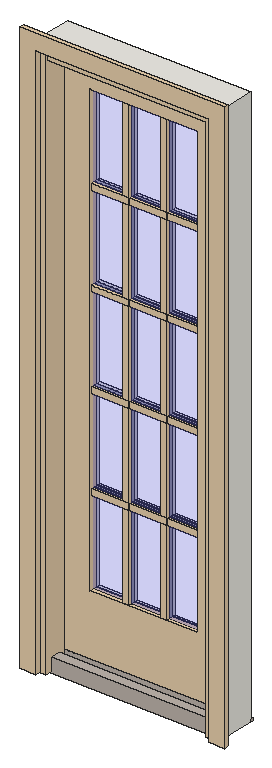
Revit family "Door-Gliding-Andersen-400_Series-Single 2", category Doors, host Wall, Revit 2013 (continued)
Dimensions and locks (in)
  aligned and locked: plane 43 "L Panel" to curve 5
  aligned and locked: curve 88 to plane 53 "Xjamb S1"
  aligned and locked: plane 5 "T Frame" to Sweep 14 sketch curve
  aligned and locked: Sweep 14 sketch curve to plane 4 "L Frame"
  aligned and locked: level to Sweep 14 sketch curve
  aligned and locked: plane 53 "Xjamb S1" to Sweep 14 sketch curve
  aligned and locked: plane 4 "L Frame" to Sweep 14 sketch curve
  aligned and locked: plane 4 "L Frame" to Sweep 7 sketch curve
  aligned and locked: plane 3 "R Frame" to Sweep 7 sketch curve
  aligned and locked: plane 53 "Xjamb S1" to Sweep 7 sketch curve
  aligned and locked: curve 16 to plane 10 "Flange"
  aligned and locked: plane 10 "Flange" to curve 17
  aligned and locked: plane 46 "B Panel" to Sweep 13 sketch curve  (x2)
  aligned and locked: plane 46 "B Panel" to Sweep 11 sketch curve  (x2)
  aligned and locked: plane 49 "L Glazing" to Sweep 15 sketch curve
  aligned and locked: plane 46 "B Panel" to Sweep 15 sketch curve
  aligned and locked: plane 64 "Panel2 S2" to Sweep 15 sketch curve
  aligned and locked: Sweep 15 sketch curve to plane 46 "B Panel"
  aligned and locked: Sweep 15 sketch curve to plane 68 "Panel 2 Glazing 1"
  aligned and locked: plane 46 "B Panel" to Sweep 16 sketch curve
  aligned and locked: plane 68 "Panel 2 Glazing 1" to Sweep 16 sketch curve
  aligned and locked: Sweep 16 sketch curve to plane 46 "B Panel"
  aligned and locked: Sweep 16 sketch curve to plane 63 "Panel2 S1"
  aligned and locked: plane 49 "L Glazing" to Sweep 16 sketch curve
  aligned and locked: curve 82 to plane 67 "Panel 2 Glazing 2"
  aligned and locked: plane 67 "Panel 2 Glazing 2" to curve 117
  aligned and locked: curve 128 to plane 49 "L Glazing"
  aligned and locked: curve 116 to curve 86
  aligned and locked: curve 116 to curve 87
  aligned and locked: curve 81 to curve 86
  aligned and locked: curve 81 to curve 87
  aligned and locked: plane 67 "Panel 2 Glazing 2" to curve 143
  aligned and locked: curve 127 to plane 67 "Panel 2 Glazing 2"
  aligned and locked: Masking region 2 sketch curve to plane 54 "Frame S2 Ext"
  aligned and locked: Sweep 12 sketch curve to cut or joined group of Sweep 11, Sweep 15
  aligned and locked: plane 54 "Frame S2 Ext" to curve 65
  aligned and locked: plane 54 "Frame S2 Ext" to curve 5
  aligned and locked: plane 3 "R Frame" to Sweep 14 sketch curve
  aligned and locked: plane 54 "Frame S2 Ext" to Sweep 14 sketch curve
  aligned and locked: Sweep 14 sketch curve to plane 9 "Frame S2"
  aligned and locked: curve 147 to plane 3 "R Frame"
  aligned and locked: plane 9 "Frame S2" to curve 146
  aligned and locked: plane 44 "R Panel" to Masking region 10 sketch curve
  aligned and locked: nested 1 to plane 48 "T Glazing"
  aligned and locked: nested 2 to plane 48 "T Glazing"
  aligned and locked: nested 4 to plane 49 "L Glazing"
  aligned and locked: nested 5 to plane 49 "L Glazing"
  aligned and locked: nested 6 to plane 49 "L Glazing"
  aligned and locked: nested 3 to plane 48 "T Glazing"
  aligned and locked: nested 7 to plane 49 "L Glazing"
  aligned and locked: plane 64 "Panel2 S2" to curve 48
  aligned and locked: curve 157 to plane 50 "R Glazing"
  aligned and locked: Sweep 13 sketch curve to plane 44 "R Panel"
  aligned and locked: Sweep 11 sketch curve to plane 44 "R Panel"
  aligned and locked: plane 50 "R Glazing" to Sweep 15 sketch curve
  aligned and locked: plane 50 "R Glazing" to Sweep 16 sketch curve
  aligned and locked: curve 67 to plane 44 "R Panel"
  aligned and locked: curve 144 to plane 50 "R Glazing"
  aligned and locked: curve 140 to curve 72
  aligned and locked: curve 140 to curve 73
  aligned and locked: plane 50 "R Glazing" to curve 70
  aligned and locked: plane 50 "R Glazing" to curve 71
  aligned and locked: nested 1 to plane 2 "Center (Left/Right)"
  aligned and locked: plane 64 "Panel2 S2" to Split face 1 sketch curve
  aligned and locked: Split face 2 sketch curve to Split face 1
  aligned and locked: Split face 3 sketch curve to Split face 1
  aligned and locked: Split face 4 sketch curve to Split face 3
  aligned and locked: plane 47 "B Glazing" to Sweep 16 sketch curve
  aligned and locked: plane 47 "B Glazing" to Sweep 15 sketch curve
  aligned and locked: curve 158 to plane 47 "B Glazing"
  aligned and locked: plane 18 "R Casing 2" to Masking region 17 sketch curve
  aligned and locked: plane 19 "R Casing 3" to Masking region 17 sketch curve
  aligned and locked: plane 13 "Casing S1" to Masking region 17 sketch curve  (x4)
  aligned and locked: plane 25 "L Casing 2" to Masking region 17 sketch curve
  aligned and locked: plane 24 "L Casing 3" to Masking region 17 sketch curve
  aligned and locked: Masking region 17 sketch curve to plane 23 "L Casing 4"
  aligned and locked: plane 10 "Flange" to Masking region 17 sketch curve  (x3)
  aligned and locked: Masking region 17 sketch curve to plane 10 "Flange"
  aligned and locked: Masking region 17 sketch curve to plane 4 "L Frame"
  aligned and locked: plane 54 "Frame S2 Ext" to Masking region 17 sketch curve  (x2)
  aligned and locked: plane 4 "L Frame" to Masking region 17 sketch curve
  aligned and locked: plane 26 "L Casing 1" to Masking region 17 sketch curve  (x2)
  aligned and locked: plane 11 "Frame S1" to Masking region 17 sketch curve
  aligned and locked: plane 12 "Casing S2" to Masking region 17 sketch curve  (x3)
  aligned and locked: plane 20 "R Casing 4" to Masking region 17 sketch curve  (x2)
  aligned and locked: Masking region 17 sketch curve to plane 17 "R Casing 1"
  aligned and locked: plane 17 "R Casing 1" to Masking region 17 sketch curve
  aligned and locked: plane 3 "R Frame" to Masking region 17 sketch curve
  aligned and locked: Masking region 17 sketch curve to plane 3 "R Frame"
  aligned and locked: plane 46 "B Panel" to Sweep 17 sketch curve
  aligned and locked: Sweep 17 sketch curve to curve 152
  aligned and locked: curve 151 to Sweep 17 sketch curve
  aligned and locked: Sweep 17 sketch curve to curve 155
  aligned and locked: Sweep 17 sketch curve to curve 154
  aligned and locked: plane 3 "R Frame" to Sweep 17 sketch curve
  aligned and locked: Sweep 17 sketch curve to plane 9 "Frame S2"
  aligned and locked: plane 60 "R Stop" to Sweep 17 sketch curve
  aligned and locked: Sweep 17 sketch curve to plane 64 "Panel2 S2"
  aligned and locked: plane 54 "Frame S2 Ext" to Sweep 17 sketch curve
  aligned and locked: plane 9 "Frame S2" to Sweep 17 sketch curve
  aligned and locked: plane 4 "L Frame" to Sweep 17 sketch curve
  aligned and locked: plane 59 "L Stop" to Sweep 17 sketch curve
  aligned and locked: Sweep 17 sketch curve to plane 54 "Frame S2 Ext"
  aligned and locked: curve 96 to Sweep 17 sketch curve
  aligned and locked: Sweep 17 sketch curve to curve 95
  aligned and locked: Sweep 17 sketch curve to curve 69
  aligned and locked: curve 99 to Sweep 17 sketch curve
  aligned and locked: curve 98 to Sweep 17 sketch curve
  aligned and locked: Sweep 17 sketch curve to Sweep 9
  aligned and locked: Sweep 18 sketch curve to plane 2 "Center (Left/Right)"
  aligned and locked: plane 46 "B Panel" to Sweep 18 sketch curve
  aligned and locked: plane 3 "R Frame" to Sweep 18 sketch curve
  aligned and locked: Sweep 18 sketch curve to plane 9 "Frame S2"  (x2)
  aligned and locked: Sweep 18 sketch curve to Sweep 8  (x2)
  aligned and locked: plane 54 "Frame S2 Ext" to Sweep 18 sketch curve  (x2)
  aligned and locked: Sweep 18 sketch curve to plane 4 "L Frame"
  aligned and locked: Split face 7 sketch curve to plane 64 "Panel2 S2"
  aligned and locked: Sweep 8 to Sweep 17 sketch curve
  aligned and locked: Split face 6 sketch curve to plane 64 "Panel2 S2"
  aligned and locked: Split face 5 sketch curve to plane 64 "Panel2 S2"
  aligned and locked: Extrusion 2 to plane 10 "Flange"
  aligned and locked: plane 31 "T Casing 3" to curve 1
  aligned and locked: plane 13 "Casing S1" to curve 1
  aligned and locked: plane 13 "Casing S1" to curve 4
  aligned and locked: plane 9 "Frame S2" to curve 8
  aligned and locked: plane 13 "Casing S1" to curve 161
  aligned and locked: plane 10 "Flange" to curve 161
  aligned and locked: plane 20 "R Casing 4" to curve 161
  aligned and locked: plane 54 "Frame S2 Ext" to curve 162
  aligned and locked: plane 9 "Frame S2" to curve 162
  aligned and locked: plane 3 "R Frame" to curve 162
  aligned and locked: plane 13 "Casing S1" to curve 159
  aligned and locked: plane 10 "Flange" to curve 159
  aligned and locked: plane 23 "L Casing 4" to curve 159
  aligned and locked: plane 54 "Frame S2 Ext" to curve 160
  aligned and locked: plane 9 "Frame S2" to curve 160
  aligned and locked: plane 13 "Casing S1" to curve 163
  aligned and locked: plane 10 "Flange" to curve 163
  aligned and locked: plane 9 "Frame S2" to curve 164
  aligned and locked: plane 32 "T Casing 4" to curve 163
  aligned and locked: plane 4 "L Frame" to curve 160
  aligned and locked: plane 4 "L Frame" to Masking region 6 sketch curve
  aligned and locked: plane 5 "T Frame" to Masking region 6 sketch curve
  aligned and locked: Masking region 6 sketch curve to plane 3 "R Frame"
  aligned and locked: plane 46 "B Panel" to curve 11
  aligned and locked: plane 46 "B Panel" to curve 12
  aligned and locked: Split face 8 sketch curve to plane 64 "Panel2 S2"
  aligned and locked: Split face 9 sketch curve to Split face 8
  aligned and locked: Split face 10 sketch curve to Split face 9
Automatic sketch dimensions
  curve 5 to curve 5 = 0' - 5 7/8"
  curve 91 to curve 92 = 0' - 3.141"
  curve 91 to curve 91 = 0' - 0.344"
  curve 90 to curve 89 = 0' - 0.938"
  curve 89 to curve 90 = 0' - 0.99876"
  curve 90 to curve 91 = 0' - 1.73524"
  curve 95 to curve 99 = 0' - 0"
  curve 95 to curve 95 = 0' - 0.437"
  curve 98 to curve 99 = 0' - 0.437"
  curve 95 to curve 97 = 0' - 0.938"
  curve 99 to curve 95 = 0' - 2.02269"
  curve 98 to curve 99 = 0' - 0.05789"
  curve 98 to curve 98 = 0' - 0.28745"
  curve 95 to curve 97 = 0' - 0.99876"
  curve 91 to curve 90 = 0' - 0.22956"
  curve 91 to curve 90 = 0' - 0.437"
  curve 22 to curve 23 = 0' - 3.141"
  curve 22 to curve 22 = 0' - 0.344"
  curve 21 to curve 20 = 0' - 0.938"
  curve 20 to curve 21 = 0' - 0.99876"
  curve 21 to curve 22 = 0' - 1.73524"
  curve 100 to curve 104 = 0' - 0"
  curve 100 to curve 100 = 0' - 0.437"
  curve 103 to curve 104 = 0' - 0.437"
  curve 100 to curve 102 = 0' - 0.938"
  curve 104 to curve 100 = 0' - 2.02269"
  curve 103 to curve 104 = 0' - 0.05789"
  curve 103 to curve 103 = 0' - 0.28745"
  curve 100 to curve 102 = 0' - 0.99876"
  curve 22 to curve 21 = 0' - 0.22956"
  curve 22 to curve 21 = 0' - 0.437"
  curve 52 to curve 50 = 0' - 1.416"
  curve 47 to curve 46 = 0' - 1.774"
  curve 45 to curve 53 = 0' - 1.33779"
  curve 44 to curve 45 = 0' - 0.35924"
  curve 44 to curve 105 = 0' - 0.04672"
  curve 45 to curve 105 = 0' - 0.06195"
  curve 48 to curve 50 = 0' - 0.03427"
  curve 49 to curve 49 = 0' - 1.47682"
  curve 47 to curve 51 = 0' - 0.02172"
  curve 62 to curve 60 = 0' - 1.416"
  curve 57 to curve 56 = 0' - 1.774"
  curve 55 to curve 63 = 0' - 1.33779"
  curve 54 to curve 55 = 0' - 0.35924"
  curve 54 to curve 106 = 0' - 0.04672"
  curve 55 to curve 106 = 0' - 0.06195"
  curve 58 to curve 60 = 0' - 0.03427"
  curve 59 to curve 59 = 0' - 1.47682"
  curve 57 to curve 61 = 0' - 0.02172"
  curve 81 to curve 80 = 0' - 1 5/16"
  curve 80 to curve 80 = 0' - 0.88911"
  curve 81 to curve 82 = 0' - 0 9/16"
  curve 82 to curve 80 = 0' - 0"
  curve 84 to curve 83 = 0' - 1 5/16"
  curve 83 to curve 83 = 0' - 0.88911"
  curve 84 to curve 85 = 0' - 0 9/16"
  curve 85 to curve 83 = 0' - 0"
  curve 116 to curve 115 = 0' - 1 5/16"
  curve 115 to curve 115 = 0' - 0.88911"
  curve 116 to curve 117 = 0' - 0 9/16"
  curve 117 to curve 115 = 0' - 0"
  curve 128 to curve 125 = 0' - 0.26411"
  curve 122 to curve 124 = 0' - 0.88911"
  curve 128 to curve 122 = 0' - 0 1/16"
  curve 129 to curve 127 = 0' - 0 13/32"
  curve 125 to curve 127 = 0' - 0 17/32"
  curve 127 to curve 124 = 0' - 0 3/4"
  curve 124 to curve 125 = 0' - 0"
  curve 128 to curve 125 = 0' - 0 1/32"
  curve 127 to curve 129 = 0' - 0 1/8"
  curve 129 to curve 123 = 0' - 0 1/8"
  curve 122 to curve 122 = 0' - 0 13/32"
  curve 128 to curve 122 = 0' - 0"
  curve 136 to curve 133 = 0' - 0.26411"
  curve 130 to curve 132 = 0' - 0.88911"
  curve 136 to curve 130 = 0' - 0 1/16"
  curve 137 to curve 135 = 0' - 0 13/32"
  curve 133 to curve 135 = 0' - 0 17/32"
  curve 135 to curve 132 = 0' - 0 3/4"
  curve 132 to curve 133 = 0' - 0"
  curve 136 to curve 133 = 0' - 0 1/32"
  curve 135 to curve 137 = 0' - 0 1/8"
  curve 137 to curve 131 = 0' - 0 1/8"
  curve 130 to curve 130 = 0' - 0 13/32"
  curve 136 to curve 130 = 0' - 0"
  curve 118 to curve 119 = 0' - 0 17/32"
  curve 119 to curve 120 = 0' - 0 1/8"
  curve 120 to curve 120 = 0' - 0 1/2"
  curve 120 to curve 121 = 0' - 0 1/8"
  curve 121 to curve 121 = 0' - 0 13/32"
  curve 118 to curve 118 = 0' - 0 5/8"
  curve 120 to curve 118 = 0' - 0 7/32"
  curve 120 to curve 121 = 0' - 0.42036"
  curve 121 to curve 121 = 0' - 0 1/16"
  curve 120 to curve 119 = 0' - 0.48286"
  curve 107 to curve 109 = 0' - 0 17/32"
  curve 109 to curve 110 = 0' - 0 1/8"
  curve 110 to curve 110 = 0' - 0 1/2"
  curve 110 to curve 111 = 0' - 0 1/8"
  curve 111 to curve 111 = 0' - 0 13/32"
  curve 107 to curve 107 = 0' - 0 5/8"
  curve 107 to curve 110 = 0' - 0 7/32"
  curve 111 to curve 110 = 0' - 0.42036"
  curve 111 to curve 111 = 0' - 0 1/16"
  curve 109 to curve 110 = 0' - 0.48286"
  curve 108 to curve 112 = 0' - 0 17/32"
  curve 112 to curve 113 = 0' - 0 1/8"
  curve 113 to curve 113 = 0' - 0 1/2"
  curve 113 to curve 114 = 0' - 0 1/8"
  curve 114 to curve 114 = 0' - 0 13/32"
  curve 108 to curve 108 = 0' - 0 5/8"
  curve 108 to curve 113 = 0' - 0 7/32"
  curve 114 to curve 113 = 0' - 0.42036"
  curve 114 to curve 114 = 0' - 0 1/16"
  curve 112 to curve 113 = 0' - 0.48286"
  curve 144 to curve 141 = 0' - 0.26411"
  curve 138 to curve 140 = 0' - 0.88911"
  curve 144 to curve 138 = 0' - 0 1/16"
  curve 145 to curve 143 = 0' - 0 13/32"
  curve 143 to curve 141 = 0' - 0 17/32"
  curve 140 to curve 143 = 0' - 0 3/4"
  curve 140 to curve 141 = 0' - 0"
  curve 141 to curve 144 = 0' - 0 1/32"
  curve 145 to curve 143 = 0' - 0 1/8"
  curve 139 to curve 145 = 0' - 0 1/8"
  curve 138 to curve 138 = 0' - 0 13/32"
  curve 144 to curve 138 = 0' - 0"
  curve 150 to curve 149 = 0' - 3.141"
  curve 149 to curve 149 = 0' - 0.344"
  curve 148 to curve 147 = 0' - 0.938"
  curve 148 to curve 147 = 0' - 0.99876"
  curve 149 to curve 148 = 0' - 1.73524"
  curve 151 to curve 155 = 0' - 0"
  curve 151 to curve 151 = 0' - 0.437"
  curve 154 to curve 155 = 0' - 0.437"
  curve 151 to curve 153 = 0' - 0.938"
  curve 155 to curve 151 = 0' - 2.02269"
  curve 154 to curve 155 = 0' - 0.05789"
  curve 154 to curve 154 = 0' - 0.28745"
  curve 151 to curve 153 = 0' - 0.99876"
  curve 148 to curve 149 = 0' - 0.22956"
  curve 149 to curve 148 = 0' - 0.437"
  Sweep 8 sketch curve to level = 0' - 0"  (x2)
  curve 15 to plane 42 "T Xjamb 1" = 0' - 0"
  curve 14 to level = 0' - 0"
  curve 13 to level = 0' - 0"
  curve 10 to plane 3 "R Frame" = 0' - 0"
  curve 17 to plane 3 "R Frame" = 0' - 0"
  curve 71 to plane 49 "L Glazing" = 0' - 0"
  curve 70 to plane 49 "L Glazing" = 0' - 0"
  curve 10 to plane 17 "R Casing 1" = 0' - 0 1/8"
  curve 73 to plane 49 "L Glazing" = 0' - 0.88911"
  curve 72 to curve 73 = 0' - 0"
  curve 65 to plane 9 "Frame S2" = 0' - 0"
  curve 5 to plane 9 "Frame S2" = 0' - 0"
  curve 65 to plane 44 "R Panel" = 0' - 0"
  Sweep 11 sketch curve to plane 46 "B Panel" = 0' - 0"
  profile plane to Sweep 14 sketch curve = 0' - 1.719"
  profile plane to Sweep 14 sketch curve = 0' - 1 3/8"
  Sweep 14 sketch curve to Sweep 14 sketch curve = 0' - 0.344"
  Sweep 14 sketch curve to Sweep 14 sketch curve = 0' - 0.437"
  curve 73 to plane 68 "Panel 2 Glazing 1" = 0' - 0 1/8"
  plane 67 "Panel 2 Glazing 2" to curve 72 = 0' - 0 1/8"
  curve 64 to plane 48 "T Glazing" = 0' - 0"
  curve 51 to curve 47 = 0' - 0.98124"
  curve 61 to curve 57 = 0' - 0.98124"
  profile plane to Sweep 9 sketch curve = 0' - 0"
  Split face 1 sketch curve to cut or joined group of Sweep 7, Sweep 14 = 0' - 0"  (x2)
  Split face 2 sketch curve to cut or joined group of Sweep 7, Sweep 14 = 0' - 0"  (x2)
  Split face 3 sketch curve to cut or joined group of Sweep 7, Sweep 14 = 0' - 0"  (x2)
  Split face 4 sketch curve to cut or joined group of Sweep 7, Sweep 14 = 0' - 0"  (x2)
  Sweep 17 sketch curve to level = 0' - 0"
  Sweep 17 sketch curve to plane 2 "Center (Left/Right)" = 0' - 0"
  Sweep 18 sketch curve to level = 0' - 0"
  Sweep 8 to Split face 5 sketch curve = 0' - 0"  (x2)
  Split face 6 sketch curve to Sweep 8 = 0' - 0"
  Sweep 8 to Split face 6 sketch curve = 0' - 0"
  Split face 7 sketch curve to Sweep 8 = 0' - 0"  (x2)
  curve 18 to plane 10 "Flange" = 0' - 0"
  plane 46 "B Panel" to curve 8 = 0' - 0"
  curve 8 to plane 58 "Sill Exterior" = 0' - 0"
  plane 30 "T Casing 2" to curve 1 = 0' - 0"
  curve 3 to plane 11 "Frame S1" = 0' - 0"
  curve 6 to plane 11 "Frame S1" = 0' - 0"
  curve 9 to plane 11 "Frame S1" = 0' - 0"
  curve 7 to level = 0' - 0"
  plane 47 "B Glazing" to curve 79 = 0' - 0"
  plane 47 "B Glazing" to curve 78 = 0' - 0"
  plane 48 "T Glazing" to curve 79 = 0' - 0"
  plane 48 "T Glazing" to curve 78 = 0' - 0"
  curve 11 to level = 0' - 0"
  plane 59 "L Stop" to curve 11 = 0' - 0"
  curve 12 to level = 0' - 0"
  plane 60 "R Stop" to curve 12 = 0' - 0"
  Split face 8 sketch curve to Sweep 8 = 0' - 0"
  Sweep 8 to Split face 8 sketch curve = 0' - 0"
  Split face 9 sketch curve to Sweep 8 = 0' - 0"  (x2)
  Split face 10 sketch curve to Sweep 8 = 0' - 0"  (x2)
Nested families (in)
  nested 1: "Andersen Grille Bar" at (0, 0.17225, 42.5) x (-1, 0, 0) z (0, 1, 0), Bar Width <- "Grille Bar Size", Bar Length <- "TS V Bar Length", visible <- "TS S V", type "Andersen Grille Bar"
    with Glass / 2 0' - 0 3/16", Glass 0' - 0 3/4", Center Line Length 5' - 3 7/8", Center Line 2, Bar Width 0' - 0 7/8", Bar Length 5' - 3 7/8"
  nested 2: "Andersen Grille Bar" at (2.68229, 0.17225, 42.5) x (-1, 0, 0) z (0, 1, 0), Bar Width <- "Grille Bar Size", Bar Length <- "TS V Bar Length", visible <- "TS M V", type "Andersen Grille Bar"
    with Glass / 2 0' - 0 3/16", Glass 0' - 0 3/4", Center Line Length 5' - 3 7/8", Center Line 2, Bar Width 0' - 0 7/8", Bar Length 5' - 3 7/8"
  nested 3: "Andersen Grille Bar" at (-2.68229, 0.17225, 42.5) x (-1, 0, 0) z (0, 1, 0), Bar Width <- "Grille Bar Size", Bar Length <- "TS V Bar Length", visible <- "TS M V", type "Andersen Grille Bar"
    with Glass / 2 0' - 0 3/16", Glass 0' - 0 3/4", Center Line Length 5' - 3 7/8", Center Line 2, Bar Width 0' - 0 7/8", Bar Length 5' - 3 7/8"
  nested 4: "Andersen Grille Bar" at (-0.03906, 0.17225, 42.5) x (0, 0, 1) z (0, 1, 0), Bar Width <- "Grille Bar Size", Bar Length <- "H DLO", visible <- "TS S H", type "Andersen Grille Bar"
    with Glass / 2 0' - 0 3/16", Glass 0' - 0 3/4", Center Line Length 1' - 3 29/64", Center Line 2, Bar Width 0' - 0 7/8", Bar Length 1' - 3 29/64"
  nested 5: "Andersen Grille Bar" at (-0.03906, 0.17225, 61.925) x (0, 0, 1) z (0, 1, 0), Bar Width <- "Grille Bar Size", Bar Length <- "H DLO", visible <- "TS M H", type "Andersen Grille Bar"
    with Glass / 2 0' - 0 3/16", Glass 0' - 0 3/4", Center Line Length 1' - 3 29/64", Center Line 2, Bar Width 0' - 0 7/8", Bar Length 1' - 3 29/64"
  nested 6: "Andersen Grille Bar" at (-0.03906, 0.17225, 23.075) x (0, 0, 1) z (0, 1, 0), Bar Width <- "Grille Bar Size", Bar Length <- "H DLO", visible <- "TS M H", type "Andersen Grille Bar"
    with Glass / 2 0' - 0 3/16", Glass 0' - 0 3/4", Center Line Length 1' - 3 29/64", Center Line 2, Bar Width 0' - 0 7/8", Bar Length 1' - 3 29/64"
  nested 7: "Andersen Grille Bar" at (-0.03906, 0.17225, 42.5) x (0, 0, 1) z (0, 1, 0), Bar Width <- "Grille Bar Size", Bar Length <- "H DLO", visible <- "TS S H Craftsman", type "Andersen Grille Bar"
    with Glass / 2 0' - 0 3/16", Glass 0' - 0 3/4", Center Line Length 1' - 3 29/64", Center Line 2, Bar Width 0' - 0 7/8", Bar Length 1' - 3 29/64"
  nested 8: "Andersen Grille Bar" at (-0.03906, 0.17225, 48.975) x (0, 0, 1) z (0, 1, 0), Bar Width <- "Grille Bar Size", Bar Length <- "H DLO", visible <- "TS M H", type "Andersen Grille Bar"
    with Glass / 2 0' - 0 3/16", Glass 0' - 0 3/4", Center Line Length 1' - 3 29/64", Center Line 2, Bar Width 0' - 0 7/8", Bar Length 1' - 3 29/64"
  nested 9: "Andersen Grille Bar" at (-0.03906, 0.17225, 36.025) x (0, 0, 1) z (0, 1, 0), Bar Width <- "Grille Bar Size", Bar Length <- "H DLO", visible <- "TS M H", type "Andersen Grille Bar"
    with Glass / 2 0' - 0 3/16", Glass 0' - 0 3/4", Center Line Length 1' - 3 29/64", Center Line 2, Bar Width 0' - 0 7/8", Bar Length 1' - 3 29/64"
Definition of nested family "Andersen Grille Bar"
  Parameters (values of type "Andersen Grille Bar")
    Interior Bar Visibility = yes
    Interior Bar Material = none
    Glass / 2 [instance] = (Glass / 2) - 0' 0 3/16"  # 0' - 0 1/8"
    Glass [instance] = 0' - 0 5/8"
    Exterior Bar Visibility = yes
    Exterior Bar Finish = none
    Default Elevation = 4' - 0"
    Center Line Length [instance] = if(Center Line = 1, Bar Length + (Bar Width / 2), Bar Length)  # 0' - 4 7/16"
    Center Line [instance] = 1
    Between Glass Bar Visibility = yes
    Between Glass Bar Finish = none
    Bar Width [instance] = 0' - 0 7/8"
    Bar Length [instance] = 0' - 4"
  Reference planes (in)
    plane 1 "Center (Front/Back)": y = 0
    plane 2 "a": z = 0
    plane 3 "Center (Left/Right)": x = 0
    plane 4 "1": x = -0.4375
    plane 5 "2": x = 0.4375
    plane 6: y = 2
    plane 7: y = -2
    plane 8 "b": z = -0.625
    plane 9: z = -0.125
    plane 10: y = -2.4375
    plane 11 "a1": z = 12
    plane 12 "a2": z = -12
  Forms (in)
    Extrusion 1, solid
      sketch origin (0, 0, 0) x (1, 0, 0) y (0, 1, 0)
        loop
          line (-48, 48) -> (-48, -48) -> (48, -48) -> (48, 48) -> (-48, 48)
      from 0 to -12
    Extrusion 2, solid, material <- "Exterior Bar Finish", visible <- "Exterior Bar Visibility", detail levels fine
      sketch origin (0, 0, 0) x (1, 0, 0) y (0, 1, 0)
        loop
          line (-0.4375, 2) -> (-0.4375, -2) -> (0.4375, -2) -> (0.4375, 2) -> (-0.4375, 2)
      from 0 to 0.375
    Extrusion 3, solid, material <- "Between Glass Bar Finish", visible <- "Between Glass Bar Visibility", detail levels fine
      sketch origin (0, 0, 0) x (1, 0, 0) y (0, 1, 0)
        loop
          line (-0.4375, 2) -> (-0.4375, -2) -> (0.4375, -2) -> (0.4375, 2) -> (-0.4375, 2)
      from -0.5 to -0.125
    Extrusion 4, solid, material <- "Interior Bar Material", visible <- "Interior Bar Visibility", detail levels fine
      sketch origin (0, 0, 0) x (1, 0, 0) y (0, 1, 0)
        loop
          line (-0.4375, 2) -> (-0.4375, -2) -> (0.4375, -2) -> (0.4375, 2) -> (-0.4375, 2)
      from -1 to -0.625
  Lines and regions (in)
    model lines, style "GenericModel", detail levels coarse+medium
      curve 1: line (0, 2, 0) -> (0, -2.4375, 0)
    symbolic lines, style "GenericModel", detail levels coarse+medium
      curve 2: line (0, 2, 12) -> (0, -2.4375, 12)
      curve 3: line (0, 2, -12) -> (0, -2.4375, -12)
    model lines, style "InvisibleLines", not visible, detail levels coarse
      curve 4: line (0, 0, 12) -> (0, 0, -12)
    symbolic lines, detail levels fine
      curve 5: line (-0.4375, 2, 0) -> (-0.4375, -2, 0)
      curve 6: line (0.4375, 2, 0) -> (0.4375, -2, 0)
  Dimensions and locks (in)
    "Glass": plane 2 "a" to plane 8 "b"
    "Glass / 2": plane 2 "a" to plane 9
    locked: Extrusion 2 to Extrusion 2 at 0.375
    locked: plane 9 to Extrusion 3 at 0.375
    locked: plane 8 "b" to Extrusion 4 at 0.375
    equal spacing: plane 4 "1", plane 3 "Center (Left/Right)", plane 5 "2"
    equal spacing: plane 6, plane 1 "Center (Front/Back)", plane 7
    "Bar Width": plane 4 "1" to plane 5 "2"
    "Bar Length": plane 6 to plane 7
    "Center Line Length": plane 6 to plane 10
    locked: plane 11 "a1" to plane 2 "a" at 12
    locked: plane 2 "a" to plane 12 "a2" at 12
    aligned and locked: plane 2 "a" to Extrusion 1
    aligned and locked: level to Extrusion 1
    aligned and locked: Extrusion 2 to plane 2 "a"
    aligned and locked: Extrusion 2 to plane 4 "1"
    aligned and locked: plane 5 "2" to Extrusion 2
    aligned and locked: plane 6 to Extrusion 2
    aligned and locked: Extrusion 2 to plane 7
    aligned and locked: plane 9 to Extrusion 3
    aligned and locked: Extrusion 3 to plane 4 "1"
    aligned and locked: plane 5 "2" to Extrusion 3
    aligned and locked: plane 6 to Extrusion 3
    aligned and locked: Extrusion 3 to plane 7
    aligned and locked: plane 8 "b" to Extrusion 4
    aligned and locked: Extrusion 4 to plane 4 "1"
    aligned and locked: plane 5 "2" to Extrusion 4
    aligned and locked: plane 6 to Extrusion 4
    aligned and locked: Extrusion 4 to plane 7
    aligned and locked: plane 6 to curve 1
    aligned and locked: plane 10 to curve 1
    aligned and locked: curve 1 to plane 3 "Center (Left/Right)"
    aligned and locked: plane 6 to curve 2
    aligned and locked: plane 10 to curve 2
    aligned and locked: curve 2 to plane 3 "Center (Left/Right)"
    aligned and locked: plane 6 to curve 3
    aligned and locked: plane 10 to curve 3
    aligned and locked: curve 3 to plane 3 "Center (Left/Right)"
    aligned and locked: plane 11 "a1" to curve 4
    aligned and locked: plane 12 "a2" to curve 4
    aligned and locked: curve 4 to plane 1 "Center (Front/Back)"
    aligned and locked: plane 6 to curve 5
    aligned and locked: plane 6 to curve 6
    aligned and locked: plane 7 to curve 6
    aligned and locked: plane 7 to curve 5
    aligned and locked: curve 5 to plane 4 "1"
    aligned and locked: curve 6 to plane 5 "2"
  Automatic sketch dimensions
    Extrusion 1 sketch curve to Extrusion 1 sketch curve = 8' - 0"  (x2)
    plane 7 to Extrusion 2 sketch curve = 0' - 0"
    Extrusion 2 sketch curve to plane 5 "2" = 0' - 0 7/8"
    Extrusion 2 sketch curve to plane 6 = 0' - 0"
    Extrusion 2 sketch curve to Extrusion 2 sketch curve = 0' - 0 7/8"
    plane 7 to Extrusion 3 sketch curve = 0' - 0"
    Extrusion 3 sketch curve to plane 5 "2" = 0' - 0 7/8"
    Extrusion 3 sketch curve to plane 6 = 0' - 0"
    Extrusion 3 sketch curve to Extrusion 3 sketch curve = 0' - 0 7/8"
    Extrusion 4 sketch curve to plane 7 = 0' - 0"
    Extrusion 4 sketch curve to plane 5 "2" = 0' - 0 7/8"
    Extrusion 4 sketch curve to plane 6 = 0' - 0"
    Extrusion 4 sketch curve to Extrusion 4 sketch curve = 0' - 0 7/8"
